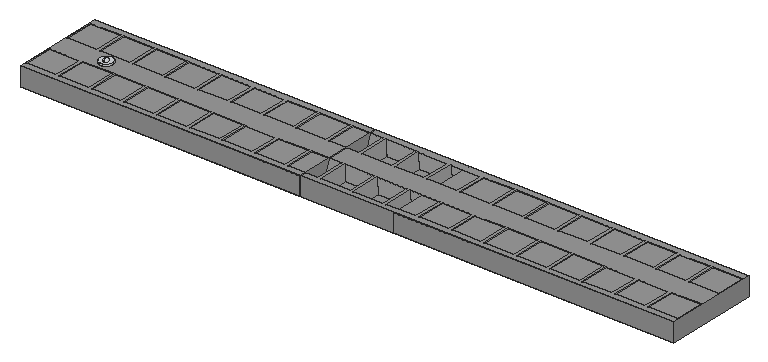
Revit family "2023780", category Lighting Fixtures, host Face, Revit 2018
Family settings
  Host = Face
  Round Connector Dimension = Use Diameter
  Part Type = Normal
  OmniClass Number = 23.80.70.00
  OmniClass Title = Lighting
  Cut with Voids When Loaded = No
  Light Source = Yes
  Shared = No
  Room Calculation Point = No
Parameters (values of type "2023780 OPTIX S 1500 2L D/I HO 4K WHT SSA02")
  Weight = "n/a"
  Wattage Comments = ""
  Wattage = 9.2903 W
  WarrantyStartDate [instance] = "n/a"
  WarrantyGuarantorParts = "n/a"
  WarrantyDurationUnit = "n/a"
  WarrantyDurationParts = ""
  WarrantyDescription = "http://www.sylvania-lighting.com"
  built-in parameter 1150110 = 1 (stored number, unit not read)
  Voltage = 0 V
  URL = "0.95"
  TypeName = "OPTIX SURFACE 1500 2L D/I HO 4000K WHT SSA02"
  Type Image = <None>
  Type Comments = "n/a"
  built-in parameter 1114217 = 1 (stored number, unit not read)
  Tilt Angle = -90.00°
  built-in parameter 1150109 = 1 (stored number, unit not read)
  built-in parameter 1150134 = 3
  built-in parameter 1150113 = 1 (stored number, unit not read)
  SerialNumber [instance] = "n/a"
  Photometric Web File = "2023780.ies"
  Material_3_SYL = none
  PowerFactor = 0
  PowerConsumption = "Lighting"
  NominalLength = 200 mm
  NominalHeight = 45 mm
  NominalDepth = 200 mm
  Name = "OPTIX SURFACE 1500 2L D/I HO 4000K WHT SSA02"
  ModelReference = Name  # "OPTIX SURFACE 1500 2L D/I HO 4000K WHT SSA02"
  ModelNumber = "2023780"
  Model = Name  # "OPTIX SURFACE 1500 2L D/I HO 4000K WHT SSA02"
  Material = "Feilo Sylvania"
  ManufacturerName = "167 lm/W"
  Manufacturer = ""
  LuminousEfficacy = ""
  built-in parameter 1150105 = 109.82 (stored number, unit not read)
  Lumens = 1380 lm
  LuminaireType = "0"
  built-in parameter 1150115 = 1 (stored number, unit not read)
  LightOutputRatio = "LED"
  built-in parameter 1150137 = (empty or 0)
  built-in parameter 1150139 = (empty or 0)
  LampsType = Lamp  # "n/a"
  LampNominalLuminous = "4000 K"
  LampMacAdamStep = "80"
  LampColourTemperature = "LED"
  LampColourRenderingIndex = "16500"
  built-in parameter 1150112 = 1 (stored number, unit not read)
  built-in parameter 1150114 = 1 (stored number, unit not read)
  Lamp = "n/a"
  Keynote = "n/a"
  InstallationDate [instance] = "n/a"
  InputVoltage = "0"
  InputNominalFrequency = "4000"
  built-in parameter 1150132 = (empty or 0)
  built-in parameter 1150102 = (empty or 0)
  built-in parameter 1150107 = 3200 (stored number, unit not read)
  built-in parameter 1150138 = (empty or 0)
  IngressProtection = "IfcLightFixtureType"
  ImpactProtectionIndex = "IfcLightFixtureType"
  built-in parameter 1150106 = 1.0982 (stored number, unit not read)
  IfcExportType = "IfcLightFixtureType"
  IfcExportAs = "Class I"
  Emit from Circle Diameter = 609.6 mm
  Emit Shape Visible in Rendering = no
  ElectricShockClassification = "167"
  built-in parameter 1150104 = 13.8 (stored number, unit not read)
  DocumentationLiterature = "http://www.sylvania-lighting.com/product/en-int/products/2023780"
  DimmingControlOptions = "n/a"
  Material_2_SYL = none
  Dimming Lamp Color Temperature Shift = <None>
  Description = "OPTIX SURFACE 1500x200 2 LINE D/I HO 4000K WHT SSA02 is a high efficacy low glare luminaire for office and education applications. Direct / Indirect lighting with 80% downlight and 20% uplight ratio for ceiling suspended mounting. Size: 1410x200x45mm. White plastic low glare optics in 2 lines configuration. White RAL9016 fixture body. SylSmart Connected capable. 4000K Neutral White LED, CRI>80, chromaticity tolerance of 3-step MacAdam ellipse. Luminous flux 7000lm. Power consumption 42W. Luminaire efficacy 167lm/W. Lifespan: 60,000 hours L90B10. UGR<19, Luminance at 65°<3000 Cd/m2, IK07, IP20. Photobiological safety risk group 0. Electrical protection Class I. Glow wire test 850°C."
  Default Elevation = 1219.2 mm
  CreatedOn = "22/09/2022"
  CreatedBy = "@sylvania-lighting.com"
  Cost = 0
  Color Filter = 16777215
  built-in parameter 1114216 [instance] = (empty or 0)
  ClassificationValue = "EF_70_80"
  ClassificationName = "Uniclass2015"
  Material_1_SYL = none
  BarCode [instance] = "n/a"
  built-in parameter 1114218 = 1 (stored number, unit not read)
  built-in parameter 1150133 = 10 (stored number, unit not read)
  AssetType = "Fixed"
  AssetIdentifier [instance] = "n/a"
  Assembly Code = "D5020200"
  Apparent Load = 42 VA
  Material_4_SYL = none
Reference planes
  plane 1 "Center (Front/Back)": y = 0
  plane 2: z = 0
  plane 3 "Center (Left/Right)": x = 0
  plane 4: x = -100
  plane 5: x = 100
  plane 6: y = 100
  plane 7: y = -100
  plane 8: z = 45
  plane 9: x = -698.5
  plane 10: x = 698.5
  plane 11: x = -633
  plane 12: y = 23
  plane 13: y = -23
  plane 14: x = -563
  plane 15: x = -557
  plane 16: x = -493
  plane 17: x = -487
  plane 18: x = -423
  plane 19: x = -417
  plane 20: x = -353
  plane 21: x = -347
  plane 22: x = -283
  plane 23: x = -277
  plane 24: x = -213
  plane 25: x = -206.997
  plane 26: x = -142.997
  plane 27: x = -136.997
  plane 28: x = -72.997
  plane 29: x = -66.997
  plane 30: x = -2.997
  plane 31: x = 3.003
  plane 32: x = 67.003
  plane 33: x = 73.003
  plane 34: x = 137.003
  plane 35: x = 143.003
  plane 36: x = 207.003
  plane 37: x = 213.003
  plane 38: x = 277.003
  plane 39: x = 283.003
  plane 40: x = 347.003
  plane 41: x = 353.003
  plane 42: x = 417.003
  plane 43: x = 423.003
  plane 44: x = 487.003
  plane 45: x = 493.003
  plane 46: x = 557.003
  plane 47: x = 563.003
  plane 48: x = 627.003
  plane 49: x = 633.003
  plane 50: x = -627
  plane 51: x = 697.011
  plane 52: x = -697
  plane 53: y = -87
  plane 54: y = -55
  plane 55: y = -33.5
  plane 56: y = -76.5
  plane 57: x = -665
  plane 58: x = -643.5
  plane 59: x = -686.5
  plane 60: x = -595
  plane 61: y = -5
  plane 62: z = 52.5
Forms (mm)
  Extrusion 1, solid, material "Aluminum", detail levels medium+fine
    sketch origin (0, 0, 0) x (1, 0, 0) y (0, 1, 0)
      loop
        line (-512.5, 10) -> (-512.5, -10) -> (-487.5, -10) -> (-487.5, 10) -> (-512.5, 10)
    from 0 to 6
  Extrusion 2, solid, material "Aluminum", detail levels medium+fine
    sketch origin (0, 0, 0) x (1, 0, 0) y (0, 1, 0)
      loop
        line (486, 10) -> (486, -10) -> (511, -10) -> (511, 10) -> (486, 10)
    from 0 to 6
  Extrusion 3, solid, material "Aluminum", detail levels medium+fine
    sketch origin (0, 0, 0) x (1, 0, 0) y (0, 1, 0)
      loop
        line (-698.5, 100) -> (-698.5, -100) -> (698.5, -100) -> (698.5, 100) -> (-698.5, 100)
    from 6 to 45
  Extrusion 4, solid, material "Aluminum", detail levels medium+fine
    sketch origin (0, 0, 0) x (1, 0, 0) y (0, 1, 0)
      loop
        line (-100, 100) -> (-698.5, 100) -> (-698.5, -100) -> (-100, -100) -> (-100, 100)
    from 6 to 45
  Extrusion 5, solid, material "Aluminum", detail levels medium+fine
    sketch origin (0, 0, 0) x (1, 0, 0) y (0, 1, 0)
      loop
        line (698.5, 100) -> (100, 100) -> (100, -100) -> (698.5, -100) -> (698.5, 100)
    from 6 to 45
  Blend 6, void
    base sketch origin (0, 0, 0) x (1, 0, 0) y (0, 1, 0)
      loop
        line (-697, -23) -> (-697, -87) -> (-633, -87) -> (-633, -23) -> (-697, -23)
    top sketch origin (0, 0, 0) x (1, 0, 0) y (0, 1, 0)
      loop
        line (-686.5, -33.5) -> (-686.5, -76.5) -> (-643.5, -76.5) -> (-643.5, -33.5) -> (-686.5, -33.5)
    from 45 to 18.5
  Extrusion 7, solid, material "Glass, White, High Luminance", detail levels fine
    sketch origin (0, 0, 0) x (1, 0, 0) y (0, 1, 0)
      loop
        line (-686.5, -33.5) -> (-686.5, -76.5) -> (-643.5, -76.5) -> (-643.5, -33.5) -> (-686.5, -33.5)
    from 18.5 to 20
  Blend 8, void
    base sketch origin (70, 0, 0) x (1, 0, 0) y (0, 1, 0)
      loop
        line (-697, -23) -> (-697, -87) -> (-633, -87) -> (-633, -23) -> (-697, -23)
    top sketch origin (70, 0, 0) x (1, 0, 0) y (0, 1, 0)
      loop
        line (-686.5, -33.5) -> (-686.5, -76.5) -> (-643.5, -76.5) -> (-643.5, -33.5) -> (-686.5, -33.5)
    from 45 to 18.5
  Blend 9, void
    base sketch origin (140, 0, 0) x (1, 0, 0) y (0, 1, 0)
      loop
        line (-697, -23) -> (-697, -87) -> (-633, -87) -> (-633, -23) -> (-697, -23)
    top sketch origin (140, 0, 0) x (1, 0, 0) y (0, 1, 0)
      loop
        line (-686.5, -33.5) -> (-686.5, -76.5) -> (-643.5, -76.5) -> (-643.5, -33.5) -> (-686.5, -33.5)
    from 45 to 18.5
  Blend 10, void
    base sketch origin (210, 0, 0) x (1, 0, 0) y (0, 1, 0)
      loop
        line (-697, -23) -> (-697, -87) -> (-633, -87) -> (-633, -23) -> (-697, -23)
    top sketch origin (210, 0, 0) x (1, 0, 0) y (0, 1, 0)
      loop
        line (-686.5, -33.5) -> (-686.5, -76.5) -> (-643.5, -76.5) -> (-643.5, -33.5) -> (-686.5, -33.5)
    from 45 to 18.5
  Blend 11, void
    base sketch origin (280, 0, 0) x (1, 0, 0) y (0, 1, 0)
      loop
        line (-697, -23) -> (-697, -87) -> (-633, -87) -> (-633, -23) -> (-697, -23)
    top sketch origin (280, 0, 0) x (1, 0, 0) y (0, 1, 0)
      loop
        line (-686.5, -33.5) -> (-686.5, -76.5) -> (-643.5, -76.5) -> (-643.5, -33.5) -> (-686.5, -33.5)
    from 45 to 18.5
  Blend 12, void
    base sketch origin (350, 0, 0) x (1, 0, 0) y (0, 1, 0)
      loop
        line (-697, -23) -> (-697, -87) -> (-633, -87) -> (-633, -23) -> (-697, -23)
    top sketch origin (350, 0, 0) x (1, 0, 0) y (0, 1, 0)
      loop
        line (-686.5, -33.5) -> (-686.5, -76.5) -> (-643.5, -76.5) -> (-643.5, -33.5) -> (-686.5, -33.5)
    from 45 to 18.5
  Blend 13, void
    base sketch origin (420, 0, 0) x (1, 0, 0) y (0, 1, 0)
      loop
        line (-697, -23) -> (-697, -87) -> (-633, -87) -> (-633, -23) -> (-697, -23)
    top sketch origin (420, 0, 0) x (1, 0, 0) y (0, 1, 0)
      loop
        line (-686.5, -33.5) -> (-686.5, -76.5) -> (-643.5, -76.5) -> (-643.5, -33.5) -> (-686.5, -33.5)
    from 45 to 18.5
  Blend 14, void
    base sketch origin (490.003, 0, 0) x (1, 0, 0) y (0, 1, 0)
      loop
        line (-697, -23) -> (-697, -87) -> (-633, -87) -> (-633, -23) -> (-697, -23)
    top sketch origin (490.003, 0, 0) x (1, 0, 0) y (0, 1, 0)
      loop
        line (-686.5, -33.5) -> (-686.5, -76.5) -> (-643.5, -76.5) -> (-643.5, -33.5) -> (-686.5, -33.5)
    from 45 to 18.5
  Blend 15, void
    base sketch origin (560.003, 0, 0) x (1, 0, 0) y (0, 1, 0)
      loop
        line (-697, -23) -> (-697, -87) -> (-633, -87) -> (-633, -23) -> (-697, -23)
    top sketch origin (560.003, 0, 0) x (1, 0, 0) y (0, 1, 0)
      loop
        line (-686.5, -33.5) -> (-686.5, -76.5) -> (-643.5, -76.5) -> (-643.5, -33.5) -> (-686.5, -33.5)
    from 45 to 18.5
  Blend 16, void
    base sketch origin (630.003, 0, 0) x (1, 0, 0) y (0, 1, 0)
      loop
        line (-697, -23) -> (-697, -87) -> (-633, -87) -> (-633, -23) -> (-697, -23)
    top sketch origin (630.003, 0, 0) x (1, 0, 0) y (0, 1, 0)
      loop
        line (-686.5, -33.5) -> (-686.5, -76.5) -> (-643.5, -76.5) -> (-643.5, -33.5) -> (-686.5, -33.5)
    from 45 to 18.5
  Blend 17, void
    base sketch origin (700.003, 0, 0) x (1, 0, 0) y (0, 1, 0)
      loop
        line (-697, -23) -> (-697, -87) -> (-633, -87) -> (-633, -23) -> (-697, -23)
    top sketch origin (700.003, 0, 0) x (1, 0, 0) y (0, 1, 0)
      loop
        line (-686.5, -33.5) -> (-686.5, -76.5) -> (-643.5, -76.5) -> (-643.5, -33.5) -> (-686.5, -33.5)
    from 45 to 18.5
  Blend 18, void
    base sketch origin (770.003, 0, 0) x (1, 0, 0) y (0, 1, 0)
      loop
        line (-697, -23) -> (-697, -87) -> (-633, -87) -> (-633, -23) -> (-697, -23)
    top sketch origin (770.003, 0, 0) x (1, 0, 0) y (0, 1, 0)
      loop
        line (-686.5, -33.5) -> (-686.5, -76.5) -> (-643.5, -76.5) -> (-643.5, -33.5) -> (-686.5, -33.5)
    from 45 to 18.5
  Blend 19, void
    base sketch origin (840.003, 0, 0) x (1, 0, 0) y (0, 1, 0)
      loop
        line (-697, -23) -> (-697, -87) -> (-633, -87) -> (-633, -23) -> (-697, -23)
    top sketch origin (840.003, 0, 0) x (1, 0, 0) y (0, 1, 0)
      loop
        line (-686.5, -33.5) -> (-686.5, -76.5) -> (-643.5, -76.5) -> (-643.5, -33.5) -> (-686.5, -33.5)
    from 45 to 18.5
  Blend 20, void
    base sketch origin (910.003, 0, 0) x (1, 0, 0) y (0, 1, 0)
      loop
        line (-697, -23) -> (-697, -87) -> (-633, -87) -> (-633, -23) -> (-697, -23)
    top sketch origin (910.003, 0, 0) x (1, 0, 0) y (0, 1, 0)
      loop
        line (-686.5, -33.5) -> (-686.5, -76.5) -> (-643.5, -76.5) -> (-643.5, -33.5) -> (-686.5, -33.5)
    from 45 to 18.5
  Blend 21, void
    base sketch origin (980.003, 0, 0) x (1, 0, 0) y (0, 1, 0)
      loop
        line (-697, -23) -> (-697, -87) -> (-633, -87) -> (-633, -23) -> (-697, -23)
    top sketch origin (980.003, 0, 0) x (1, 0, 0) y (0, 1, 0)
      loop
        line (-686.5, -33.5) -> (-686.5, -76.5) -> (-643.5, -76.5) -> (-643.5, -33.5) -> (-686.5, -33.5)
    from 45 to 18.5
  Blend 22, void
    base sketch origin (1050.003, 0, 0) x (1, 0, 0) y (0, 1, 0)
      loop
        line (-697, -23) -> (-697, -87) -> (-633, -87) -> (-633, -23) -> (-697, -23)
    top sketch origin (1050.003, 0, 0) x (1, 0, 0) y (0, 1, 0)
      loop
        line (-686.5, -33.5) -> (-686.5, -76.5) -> (-643.5, -76.5) -> (-643.5, -33.5) -> (-686.5, -33.5)
    from 45 to 18.5
  Blend 23, void
    base sketch origin (1120.003, 0, 0) x (1, 0, 0) y (0, 1, 0)
      loop
        line (-697, -23) -> (-697, -87) -> (-633, -87) -> (-633, -23) -> (-697, -23)
    top sketch origin (1120.003, 0, 0) x (1, 0, 0) y (0, 1, 0)
      loop
        line (-686.5, -33.5) -> (-686.5, -76.5) -> (-643.5, -76.5) -> (-643.5, -33.5) -> (-686.5, -33.5)
    from 45 to 18.5
  Blend 24, void
    base sketch origin (1190.003, 0, 0) x (1, 0, 0) y (0, 1, 0)
      loop
        line (-697, -23) -> (-697, -87) -> (-633, -87) -> (-633, -23) -> (-697, -23)
    top sketch origin (1190.003, 0, 0) x (1, 0, 0) y (0, 1, 0)
      loop
        line (-686.5, -33.5) -> (-686.5, -76.5) -> (-643.5, -76.5) -> (-643.5, -33.5) -> (-686.5, -33.5)
    from 45 to 18.5
  Blend 25, void
    base sketch origin (1260.003, 0, 0) x (1, 0, 0) y (0, 1, 0)
      loop
        line (-697, -23) -> (-697, -87) -> (-633, -87) -> (-633, -23) -> (-697, -23)
    top sketch origin (1260.003, 0, 0) x (1, 0, 0) y (0, 1, 0)
      loop
        line (-686.5, -33.5) -> (-686.5, -76.5) -> (-643.5, -76.5) -> (-643.5, -33.5) -> (-686.5, -33.5)
    from 45 to 18.5
  Blend 26, void
    base sketch origin (1330.003, 0, 0) x (1, 0, 0) y (0, 1, 0)
      loop
        line (-697, -23) -> (-697, -87) -> (-633, -87) -> (-633, -23) -> (-697, -23)
    top sketch origin (1330.003, 0, 0) x (1, 0, 0) y (0, 1, 0)
      loop
        line (-686.5, -33.5) -> (-686.5, -76.5) -> (-643.5, -76.5) -> (-643.5, -33.5) -> (-686.5, -33.5)
    from 45 to 18.5
  Extrusion 27, solid, material "Glass, White, High Luminance", detail levels fine
    sketch origin (70, 0, 0) x (1, 0, 0) y (0, 1, 0)
      loop
        line (-686.5, -33.5) -> (-686.5, -76.5) -> (-643.5, -76.5) -> (-643.5, -33.5) -> (-686.5, -33.5)
    from 18.5 to 20
  Extrusion 28, solid, material "Glass, White, High Luminance", detail levels fine
    sketch origin (140, 0, 0) x (1, 0, 0) y (0, 1, 0)
      loop
        line (-686.5, -33.5) -> (-686.5, -76.5) -> (-643.5, -76.5) -> (-643.5, -33.5) -> (-686.5, -33.5)
    from 18.5 to 20
  Extrusion 29, solid, material "Glass, White, High Luminance", detail levels fine
    sketch origin (210, 0, 0) x (1, 0, 0) y (0, 1, 0)
      loop
        line (-686.5, -33.5) -> (-686.5, -76.5) -> (-643.5, -76.5) -> (-643.5, -33.5) -> (-686.5, -33.5)
    from 18.5 to 20
  Extrusion 30, solid, material "Glass, White, High Luminance", detail levels fine
    sketch origin (280, 0, 0) x (1, 0, 0) y (0, 1, 0)
      loop
        line (-686.5, -33.5) -> (-686.5, -76.5) -> (-643.5, -76.5) -> (-643.5, -33.5) -> (-686.5, -33.5)
    from 18.5 to 20
  Extrusion 31, solid, material "Glass, White, High Luminance", detail levels fine
    sketch origin (350, 0, 0) x (1, 0, 0) y (0, 1, 0)
      loop
        line (-686.5, -33.5) -> (-686.5, -76.5) -> (-643.5, -76.5) -> (-643.5, -33.5) -> (-686.5, -33.5)
    from 18.5 to 20
  Extrusion 32, solid, material "Glass, White, High Luminance", detail levels fine
    sketch origin (420, 0, 0) x (1, 0, 0) y (0, 1, 0)
      loop
        line (-686.5, -33.5) -> (-686.5, -76.5) -> (-643.5, -76.5) -> (-643.5, -33.5) -> (-686.5, -33.5)
    from 18.5 to 20
  Extrusion 33, solid, material "Glass, White, High Luminance", detail levels fine
    sketch origin (490.003, 0, 0) x (1, 0, 0) y (0, 1, 0)
      loop
        line (-686.5, -33.5) -> (-686.5, -76.5) -> (-643.5, -76.5) -> (-643.5, -33.5) -> (-686.5, -33.5)
    from 18.5 to 20
  Extrusion 34, solid, material "Glass, White, High Luminance", detail levels fine
    sketch origin (560.003, 0, 0) x (1, 0, 0) y (0, 1, 0)
      loop
        line (-686.5, -33.5) -> (-686.5, -76.5) -> (-643.5, -76.5) -> (-643.5, -33.5) -> (-686.5, -33.5)
    from 18.5 to 20
  Extrusion 35, solid, material "Glass, White, High Luminance", detail levels fine
    sketch origin (630.003, 0, 0) x (1, 0, 0) y (0, 1, 0)
      loop
        line (-686.5, -33.5) -> (-686.5, -76.5) -> (-643.5, -76.5) -> (-643.5, -33.5) -> (-686.5, -33.5)
    from 18.5 to 20
  Extrusion 36, solid, material "Glass, White, High Luminance", detail levels fine
    sketch origin (700.003, 0, 0) x (1, 0, 0) y (0, 1, 0)
      loop
        line (-686.5, -33.5) -> (-686.5, -76.5) -> (-643.5, -76.5) -> (-643.5, -33.5) -> (-686.5, -33.5)
    from 18.5 to 20
  Extrusion 37, solid, material "Glass, White, High Luminance", detail levels fine
    sketch origin (770.003, 0, 0) x (1, 0, 0) y (0, 1, 0)
      loop
        line (-686.5, -33.5) -> (-686.5, -76.5) -> (-643.5, -76.5) -> (-643.5, -33.5) -> (-686.5, -33.5)
    from 18.5 to 20
  Extrusion 38, solid, material "Glass, White, High Luminance", detail levels fine
    sketch origin (840.003, 0, 0) x (1, 0, 0) y (0, 1, 0)
      loop
        line (-686.5, -33.5) -> (-686.5, -76.5) -> (-643.5, -76.5) -> (-643.5, -33.5) -> (-686.5, -33.5)
    from 18.5 to 20
  Extrusion 39, solid, material "Glass, White, High Luminance", detail levels fine
    sketch origin (910.003, 0, 0) x (1, 0, 0) y (0, 1, 0)
      loop
        line (-686.5, -33.5) -> (-686.5, -76.5) -> (-643.5, -76.5) -> (-643.5, -33.5) -> (-686.5, -33.5)
    from 18.5 to 20
  Extrusion 40, solid, material "Glass, White, High Luminance", detail levels fine
    sketch origin (980.003, 0, 0) x (1, 0, 0) y (0, 1, 0)
      loop
        line (-686.5, -33.5) -> (-686.5, -76.5) -> (-643.5, -76.5) -> (-643.5, -33.5) -> (-686.5, -33.5)
    from 18.5 to 20
  Extrusion 41, solid, material "Glass, White, High Luminance", detail levels fine
    sketch origin (1050.003, 0, 0) x (1, 0, 0) y (0, 1, 0)
      loop
        line (-686.5, -33.5) -> (-686.5, -76.5) -> (-643.5, -76.5) -> (-643.5, -33.5) -> (-686.5, -33.5)
    from 18.5 to 20
  Extrusion 42, solid, material "Glass, White, High Luminance", detail levels fine
    sketch origin (1120.003, 0, 0) x (1, 0, 0) y (0, 1, 0)
      loop
        line (-686.5, -33.5) -> (-686.5, -76.5) -> (-643.5, -76.5) -> (-643.5, -33.5) -> (-686.5, -33.5)
    from 18.5 to 20
  Extrusion 43, solid, material "Glass, White, High Luminance", detail levels fine
    sketch origin (1190.003, 0, 0) x (1, 0, 0) y (0, 1, 0)
      loop
        line (-686.5, -33.5) -> (-686.5, -76.5) -> (-643.5, -76.5) -> (-643.5, -33.5) -> (-686.5, -33.5)
    from 18.5 to 20
  Extrusion 44, solid, material "Glass, White, High Luminance", detail levels fine
    sketch origin (1260.003, 0, 0) x (1, 0, 0) y (0, 1, 0)
      loop
        line (-686.5, -33.5) -> (-686.5, -76.5) -> (-643.5, -76.5) -> (-643.5, -33.5) -> (-686.5, -33.5)
    from 18.5 to 20
  Extrusion 45, solid, material "Glass, White, High Luminance", detail levels fine
    sketch origin (1330.003, 0, 0) x (1, 0, 0) y (0, 1, 0)
      loop
        line (-686.5, -33.5) -> (-686.5, -76.5) -> (-643.5, -76.5) -> (-643.5, -33.5) -> (-686.5, -33.5)
    from 18.5 to 20
  Blend 46, void
    base sketch origin (0, 110, 0) x (1, 0, 0) y (0, 1, 0)
      loop
        line (-697, -23) -> (-697, -87) -> (-633, -87) -> (-633, -23) -> (-697, -23)
    top sketch origin (0, 110, 0) x (1, 0, 0) y (0, 1, 0)
      loop
        line (-686.5, -33.5) -> (-686.5, -76.5) -> (-643.5, -76.5) -> (-643.5, -33.5) -> (-686.5, -33.5)
    from 45 to 18.5
  Blend 47, void
    base sketch origin (70, 110, 0) x (1, 0, 0) y (0, 1, 0)
      loop
        line (-697, -23) -> (-697, -87) -> (-633, -87) -> (-633, -23) -> (-697, -23)
    top sketch origin (70, 110, 0) x (1, 0, 0) y (0, 1, 0)
      loop
        line (-686.5, -33.5) -> (-686.5, -76.5) -> (-643.5, -76.5) -> (-643.5, -33.5) -> (-686.5, -33.5)
    from 45 to 18.5
  Blend 48, void
    base sketch origin (140, 110, 0) x (1, 0, 0) y (0, 1, 0)
      loop
        line (-697, -23) -> (-697, -87) -> (-633, -87) -> (-633, -23) -> (-697, -23)
    top sketch origin (140, 110, 0) x (1, 0, 0) y (0, 1, 0)
      loop
        line (-686.5, -33.5) -> (-686.5, -76.5) -> (-643.5, -76.5) -> (-643.5, -33.5) -> (-686.5, -33.5)
    from 45 to 18.5
  Blend 49, void
    base sketch origin (210, 110, 0) x (1, 0, 0) y (0, 1, 0)
      loop
        line (-697, -23) -> (-697, -87) -> (-633, -87) -> (-633, -23) -> (-697, -23)
    top sketch origin (210, 110, 0) x (1, 0, 0) y (0, 1, 0)
      loop
        line (-686.5, -33.5) -> (-686.5, -76.5) -> (-643.5, -76.5) -> (-643.5, -33.5) -> (-686.5, -33.5)
    from 45 to 18.5
  Blend 50, void
    base sketch origin (280, 110, 0) x (1, 0, 0) y (0, 1, 0)
      loop
        line (-697, -23) -> (-697, -87) -> (-633, -87) -> (-633, -23) -> (-697, -23)
    top sketch origin (280, 110, 0) x (1, 0, 0) y (0, 1, 0)
      loop
        line (-686.5, -33.5) -> (-686.5, -76.5) -> (-643.5, -76.5) -> (-643.5, -33.5) -> (-686.5, -33.5)
    from 45 to 18.5
  Blend 51, void
    base sketch origin (350, 110, 0) x (1, 0, 0) y (0, 1, 0)
      loop
        line (-697, -23) -> (-697, -87) -> (-633, -87) -> (-633, -23) -> (-697, -23)
    top sketch origin (350, 110, 0) x (1, 0, 0) y (0, 1, 0)
      loop
        line (-686.5, -33.5) -> (-686.5, -76.5) -> (-643.5, -76.5) -> (-643.5, -33.5) -> (-686.5, -33.5)
    from 45 to 18.5
  Blend 52, void
    base sketch origin (420, 110, 0) x (1, 0, 0) y (0, 1, 0)
      loop
        line (-697, -23) -> (-697, -87) -> (-633, -87) -> (-633, -23) -> (-697, -23)
    top sketch origin (420, 110, 0) x (1, 0, 0) y (0, 1, 0)
      loop
        line (-686.5, -33.5) -> (-686.5, -76.5) -> (-643.5, -76.5) -> (-643.5, -33.5) -> (-686.5, -33.5)
    from 45 to 18.5
  Blend 53, void
    base sketch origin (490.003, 110, 0) x (1, 0, 0) y (0, 1, 0)
      loop
        line (-697, -23) -> (-697, -87) -> (-633, -87) -> (-633, -23) -> (-697, -23)
    top sketch origin (490.003, 110, 0) x (1, 0, 0) y (0, 1, 0)
      loop
        line (-686.5, -33.5) -> (-686.5, -76.5) -> (-643.5, -76.5) -> (-643.5, -33.5) -> (-686.5, -33.5)
    from 45 to 18.5
  Blend 54, void
    base sketch origin (560.003, 110, 0) x (1, 0, 0) y (0, 1, 0)
      loop
        line (-697, -23) -> (-697, -87) -> (-633, -87) -> (-633, -23) -> (-697, -23)
    top sketch origin (560.003, 110, 0) x (1, 0, 0) y (0, 1, 0)
      loop
        line (-686.5, -33.5) -> (-686.5, -76.5) -> (-643.5, -76.5) -> (-643.5, -33.5) -> (-686.5, -33.5)
    from 45 to 18.5
  Blend 55, void
    base sketch origin (630.003, 110, 0) x (1, 0, 0) y (0, 1, 0)
      loop
        line (-697, -23) -> (-697, -87) -> (-633, -87) -> (-633, -23) -> (-697, -23)
    top sketch origin (630.003, 110, 0) x (1, 0, 0) y (0, 1, 0)
      loop
        line (-686.5, -33.5) -> (-686.5, -76.5) -> (-643.5, -76.5) -> (-643.5, -33.5) -> (-686.5, -33.5)
    from 45 to 18.5
  Blend 56, void
    base sketch origin (700.003, 110, 0) x (1, 0, 0) y (0, 1, 0)
      loop
        line (-697, -23) -> (-697, -87) -> (-633, -87) -> (-633, -23) -> (-697, -23)
    top sketch origin (700.003, 110, 0) x (1, 0, 0) y (0, 1, 0)
      loop
        line (-686.5, -33.5) -> (-686.5, -76.5) -> (-643.5, -76.5) -> (-643.5, -33.5) -> (-686.5, -33.5)
    from 45 to 18.5
  Blend 57, void
    base sketch origin (770.003, 110, 0) x (1, 0, 0) y (0, 1, 0)
      loop
        line (-697, -23) -> (-697, -87) -> (-633, -87) -> (-633, -23) -> (-697, -23)
    top sketch origin (770.003, 110, 0) x (1, 0, 0) y (0, 1, 0)
      loop
        line (-686.5, -33.5) -> (-686.5, -76.5) -> (-643.5, -76.5) -> (-643.5, -33.5) -> (-686.5, -33.5)
    from 45 to 18.5
  Blend 58, void
    base sketch origin (840.003, 110, 0) x (1, 0, 0) y (0, 1, 0)
      loop
        line (-697, -23) -> (-697, -87) -> (-633, -87) -> (-633, -23) -> (-697, -23)
    top sketch origin (840.003, 110, 0) x (1, 0, 0) y (0, 1, 0)
      loop
        line (-686.5, -33.5) -> (-686.5, -76.5) -> (-643.5, -76.5) -> (-643.5, -33.5) -> (-686.5, -33.5)
    from 45 to 18.5
  Blend 59, void
    base sketch origin (910.003, 110, 0) x (1, 0, 0) y (0, 1, 0)
      loop
        line (-697, -23) -> (-697, -87) -> (-633, -87) -> (-633, -23) -> (-697, -23)
    top sketch origin (910.003, 110, 0) x (1, 0, 0) y (0, 1, 0)
      loop
        line (-686.5, -33.5) -> (-686.5, -76.5) -> (-643.5, -76.5) -> (-643.5, -33.5) -> (-686.5, -33.5)
    from 45 to 18.5
  Blend 60, void
    base sketch origin (980.003, 110, 0) x (1, 0, 0) y (0, 1, 0)
      loop
        line (-697, -23) -> (-697, -87) -> (-633, -87) -> (-633, -23) -> (-697, -23)
    top sketch origin (980.003, 110, 0) x (1, 0, 0) y (0, 1, 0)
      loop
        line (-686.5, -33.5) -> (-686.5, -76.5) -> (-643.5, -76.5) -> (-643.5, -33.5) -> (-686.5, -33.5)
    from 45 to 18.5
  Blend 61, void
    base sketch origin (1050.003, 110, 0) x (1, 0, 0) y (0, 1, 0)
      loop
        line (-697, -23) -> (-697, -87) -> (-633, -87) -> (-633, -23) -> (-697, -23)
    top sketch origin (1050.003, 110, 0) x (1, 0, 0) y (0, 1, 0)
      loop
        line (-686.5, -33.5) -> (-686.5, -76.5) -> (-643.5, -76.5) -> (-643.5, -33.5) -> (-686.5, -33.5)
    from 45 to 18.5
  Blend 62, void
    base sketch origin (1120.003, 110, 0) x (1, 0, 0) y (0, 1, 0)
      loop
        line (-697, -23) -> (-697, -87) -> (-633, -87) -> (-633, -23) -> (-697, -23)
    top sketch origin (1120.003, 110, 0) x (1, 0, 0) y (0, 1, 0)
      loop
        line (-686.5, -33.5) -> (-686.5, -76.5) -> (-643.5, -76.5) -> (-643.5, -33.5) -> (-686.5, -33.5)
    from 45 to 18.5
  Blend 63, void
    base sketch origin (1190.003, 110, 0) x (1, 0, 0) y (0, 1, 0)
      loop
        line (-697, -23) -> (-697, -87) -> (-633, -87) -> (-633, -23) -> (-697, -23)
    top sketch origin (1190.003, 110, 0) x (1, 0, 0) y (0, 1, 0)
      loop
        line (-686.5, -33.5) -> (-686.5, -76.5) -> (-643.5, -76.5) -> (-643.5, -33.5) -> (-686.5, -33.5)
    from 45 to 18.5
  Blend 64, void
    base sketch origin (1260.003, 110, 0) x (1, 0, 0) y (0, 1, 0)
      loop
        line (-697, -23) -> (-697, -87) -> (-633, -87) -> (-633, -23) -> (-697, -23)
    top sketch origin (1260.003, 110, 0) x (1, 0, 0) y (0, 1, 0)
      loop
        line (-686.5, -33.5) -> (-686.5, -76.5) -> (-643.5, -76.5) -> (-643.5, -33.5) -> (-686.5, -33.5)
    from 45 to 18.5
  Blend 65, void
    base sketch origin (1330.003, 110, 0) x (1, 0, 0) y (0, 1, 0)
      loop
        line (-697, -23) -> (-697, -87) -> (-633, -87) -> (-633, -23) -> (-697, -23)
    top sketch origin (1330.003, 110, 0) x (1, 0, 0) y (0, 1, 0)
      loop
        line (-686.5, -33.5) -> (-686.5, -76.5) -> (-643.5, -76.5) -> (-643.5, -33.5) -> (-686.5, -33.5)
    from 45 to 18.5
  Extrusion 66, solid, material "Glass, White, High Luminance", detail levels fine
    sketch origin (0, 110, 0) x (1, 0, 0) y (0, 1, 0)
      loop
        line (-686.5, -33.5) -> (-686.5, -76.5) -> (-643.5, -76.5) -> (-643.5, -33.5) -> (-686.5, -33.5)
    from 18.5 to 20
  Extrusion 67, solid, material "Glass, White, High Luminance", detail levels fine
    sketch origin (70, 110, 0) x (1, 0, 0) y (0, 1, 0)
      loop
        line (-686.5, -33.5) -> (-686.5, -76.5) -> (-643.5, -76.5) -> (-643.5, -33.5) -> (-686.5, -33.5)
    from 18.5 to 20
  Extrusion 68, solid, material "Glass, White, High Luminance", detail levels fine
    sketch origin (140, 110, 0) x (1, 0, 0) y (0, 1, 0)
      loop
        line (-686.5, -33.5) -> (-686.5, -76.5) -> (-643.5, -76.5) -> (-643.5, -33.5) -> (-686.5, -33.5)
    from 18.5 to 20
  Extrusion 69, solid, material "Glass, White, High Luminance", detail levels fine
    sketch origin (210, 110, 0) x (1, 0, 0) y (0, 1, 0)
      loop
        line (-686.5, -33.5) -> (-686.5, -76.5) -> (-643.5, -76.5) -> (-643.5, -33.5) -> (-686.5, -33.5)
    from 18.5 to 20
  Extrusion 70, solid, material "Glass, White, High Luminance", detail levels fine
    sketch origin (280, 110, 0) x (1, 0, 0) y (0, 1, 0)
      loop
        line (-686.5, -33.5) -> (-686.5, -76.5) -> (-643.5, -76.5) -> (-643.5, -33.5) -> (-686.5, -33.5)
    from 18.5 to 20
  Extrusion 71, solid, material "Glass, White, High Luminance", detail levels fine
    sketch origin (350, 110, 0) x (1, 0, 0) y (0, 1, 0)
      loop
        line (-686.5, -33.5) -> (-686.5, -76.5) -> (-643.5, -76.5) -> (-643.5, -33.5) -> (-686.5, -33.5)
    from 18.5 to 20
  Extrusion 72, solid, material "Glass, White, High Luminance", detail levels fine
    sketch origin (420, 110, 0) x (1, 0, 0) y (0, 1, 0)
      loop
        line (-686.5, -33.5) -> (-686.5, -76.5) -> (-643.5, -76.5) -> (-643.5, -33.5) -> (-686.5, -33.5)
    from 18.5 to 20
  Extrusion 73, solid, material "Glass, White, High Luminance", detail levels fine
    sketch origin (700.003, 110, 0) x (1, 0, 0) y (0, 1, 0)
      loop
        line (-686.5, -33.5) -> (-686.5, -76.5) -> (-643.5, -76.5) -> (-643.5, -33.5) -> (-686.5, -33.5)
    from 18.5 to 20
  Extrusion 74, solid, material "Glass, White, High Luminance", detail levels fine
    sketch origin (770.003, 110, 0) x (1, 0, 0) y (0, 1, 0)
      loop
        line (-686.5, -33.5) -> (-686.5, -76.5) -> (-643.5, -76.5) -> (-643.5, -33.5) -> (-686.5, -33.5)
    from 18.5 to 20
  Extrusion 75, solid, material "Glass, White, High Luminance", detail levels fine
    sketch origin (840.003, 110, 0) x (1, 0, 0) y (0, 1, 0)
      loop
        line (-686.5, -33.5) -> (-686.5, -76.5) -> (-643.5, -76.5) -> (-643.5, -33.5) -> (-686.5, -33.5)
    from 18.5 to 20
  Extrusion 76, solid, material "Glass, White, High Luminance", detail levels fine
    sketch origin (910.003, 110, 0) x (1, 0, 0) y (0, 1, 0)
      loop
        line (-686.5, -33.5) -> (-686.5, -76.5) -> (-643.5, -76.5) -> (-643.5, -33.5) -> (-686.5, -33.5)
    from 18.5 to 20
  Extrusion 77, solid, material "Glass, White, High Luminance", detail levels fine
    sketch origin (980.003, 110, 0) x (1, 0, 0) y (0, 1, 0)
      loop
        line (-686.5, -33.5) -> (-686.5, -76.5) -> (-643.5, -76.5) -> (-643.5, -33.5) -> (-686.5, -33.5)
    from 18.5 to 20
  Extrusion 78, solid, material "Glass, White, High Luminance", detail levels fine
    sketch origin (1050.003, 110, 0) x (1, 0, 0) y (0, 1, 0)
      loop
        line (-686.5, -33.5) -> (-686.5, -76.5) -> (-643.5, -76.5) -> (-643.5, -33.5) -> (-686.5, -33.5)
    from 18.5 to 20
  Extrusion 79, solid, material "Glass, White, High Luminance", detail levels fine
    sketch origin (1120.003, 110, 0) x (1, 0, 0) y (0, 1, 0)
      loop
        line (-686.5, -33.5) -> (-686.5, -76.5) -> (-643.5, -76.5) -> (-643.5, -33.5) -> (-686.5, -33.5)
    from 18.5 to 20
  Extrusion 80, solid, material "Glass, White, High Luminance", detail levels fine
    sketch origin (1190.003, 110, 0) x (1, 0, 0) y (0, 1, 0)
      loop
        line (-686.5, -33.5) -> (-686.5, -76.5) -> (-643.5, -76.5) -> (-643.5, -33.5) -> (-686.5, -33.5)
    from 18.5 to 20
  Extrusion 81, solid, material "Glass, White, High Luminance", detail levels fine
    sketch origin (1260.003, 110, 0) x (1, 0, 0) y (0, 1, 0)
      loop
        line (-686.5, -33.5) -> (-686.5, -76.5) -> (-643.5, -76.5) -> (-643.5, -33.5) -> (-686.5, -33.5)
    from 18.5 to 20
  Extrusion 82, solid, material "Glass, White, High Luminance", detail levels fine
    sketch origin (1330.003, 110, 0) x (1, 0, 0) y (0, 1, 0)
      loop
        line (-686.5, -33.5) -> (-686.5, -76.5) -> (-643.5, -76.5) -> (-643.5, -33.5) -> (-686.5, -33.5)
    from 18.5 to 20
  Extrusion 83, solid, material "Glass, White, High Luminance", detail levels fine
    sketch origin (490.003, 110, 0) x (1, 0, 0) y (0, 1, 0)
      loop
        line (-686.5, -33.5) -> (-686.5, -76.5) -> (-643.5, -76.5) -> (-643.5, -33.5) -> (-686.5, -33.5)
    from 18.5 to 20
  Extrusion 84, solid, material "Glass, White, High Luminance", detail levels fine
    sketch origin (560.003, 110, 0) x (1, 0, 0) y (0, 1, 0)
      loop
        line (-686.5, -33.5) -> (-686.5, -76.5) -> (-643.5, -76.5) -> (-643.5, -33.5) -> (-686.5, -33.5)
    from 18.5 to 20
  Extrusion 85, solid, material "Glass, White, High Luminance", detail levels fine
    sketch origin (630.003, 110, 0) x (1, 0, 0) y (0, 1, 0)
      loop
        line (-686.5, -33.5) -> (-686.5, -76.5) -> (-643.5, -76.5) -> (-643.5, -33.5) -> (-686.5, -33.5)
    from 18.5 to 20
  Extrusion 86, solid, detail levels coarse
    sketch origin (0, 0, 0) x (1, 0, 0) y (0, 1, 0)
      loop
        line (-100, 100) -> (-100, -100) -> (100, -100) -> (100, 100) -> (-100, 100)
    from 0 to 52.5
  Extrusion 87, solid, detail levels medium+fine
    sketch origin (0, 0, 0) x (1, 0, 0) y (0, 1, 0)
      loop
        circle (-595, 0) r 14
    from 45 to 48
  Revolve 88, solid, detail levels medium+fine
    sketch origin (-595.001, 1524, 1219.205) x (0, 1, 0) y (0, 0, 1)
      loop
        arc (-1524, -1166.7) -> (-1527.37, -1167.983) -> (-1529, -1171.2) r 5
        line (-1529, -1171.2) -> (-1524, -1171.2) -> (-1524, -1166.7)
      axis (-1524, -1166.7) -> (-1524, -1171.2)
    angle from 0.32 to 360
Cuts and joins
  Blend 6, Blend 8, Blend 9, Blend 10, Blend 11, Blend 12, Blend 13, Blend 14, Blend 15, Blend 16, Blend 17, Blend 18, Blend 19, Blend 20, Blend 21, Blend 22, Blend 23, Blend 24, Blend 25, Blend 26, Blend 46, Blend 47, Blend 48, Blend 49, Blend 50, Blend 51, Blend 52, Blend 53, Blend 54, Blend 55, Blend 56, Blend 57, Blend 58, Blend 59, Blend 60, Blend 61, Blend 62, Blend 63, Blend 64, Blend 65 cuts Extrusion 3
  Blend 8, Blend 46 cuts Extrusion 7
  Blend 47 cuts Extrusion 27
  Blend 48 cuts Extrusion 28
  Blend 49 cuts Extrusion 29
  Blend 50 cuts Extrusion 30
  Blend 51 cuts Extrusion 31
  Blend 52 cuts Extrusion 32
  Blend 53 cuts Extrusion 33
  Blend 54 cuts Extrusion 34
  Blend 55 cuts Extrusion 35
  Blend 56 cuts Extrusion 36
  Blend 57 cuts Extrusion 37
  Blend 58 cuts Extrusion 38
  Blend 59 cuts Extrusion 39
  Blend 60 cuts Extrusion 40
  Blend 61 cuts Extrusion 41
  Blend 62 cuts Extrusion 42
  Blend 63 cuts Extrusion 43
  Blend 64 cuts Extrusion 44
  Blend 65 cuts Extrusion 45
Dimensions and locks
  "NominalLength": plane 4 to plane 5
  equal spacing: plane 4, plane 3 "Center (Left/Right)", plane 5
  "NominalDepth": plane 6 to plane 7
  equal spacing: plane 6, plane 1 "Center (Front/Back)", plane 7
  "NominalHeight": plane 8 to level
  aligned and locked: plane 2 to host face
  aligned and locked: level to host face
Automatic sketch dimensions
  host sketch curve to host sketch curve = 2438.4 mm  (x2)
  Extrusion 1 sketch curve to plane 16 = 19.5 mm
  Extrusion 1 sketch curve to plane 17 = 0.5 mm
  plane 1 "Center (Front/Back)" to Extrusion 1 sketch curve = 10 mm
  Extrusion 1 sketch curve to plane 1 "Center (Front/Back)" = 10 mm
  Extrusion 2 sketch curve to plane 44 = 1.003 mm
  plane 45 to Extrusion 2 sketch curve = 17.997 mm
  plane 1 "Center (Front/Back)" to Extrusion 2 sketch curve = 10 mm
  Extrusion 2 sketch curve to plane 1 "Center (Front/Back)" = 10 mm
  Extrusion 3 sketch curve to plane 7 = 0 mm
  Extrusion 3 sketch curve to plane 9 = 0 mm
  Extrusion 3 sketch curve to plane 10 = 0 mm
  Extrusion 3 sketch curve to plane 6 = 0 mm
  Extrusion 4 sketch curve to plane 4 = 0 mm
  Extrusion 4 sketch curve to plane 7 = 0 mm
  Extrusion 4 sketch curve to plane 9 = 0 mm
  Extrusion 4 sketch curve to plane 6 = 0 mm
  Extrusion 5 sketch curve to plane 7 = 0 mm
  Extrusion 5 sketch curve to plane 10 = 0 mm
  Extrusion 5 sketch curve to plane 5 = 0 mm
  Extrusion 5 sketch curve to plane 6 = 0 mm
  Blend 6 sketch curve to plane 52 = 0 mm
  Blend 6 sketch curve to plane 11 = 0 mm
  Blend 6 sketch curve to plane 53 = 0 mm
  Blend 6 sketch curve to plane 13 = 0 mm
  Blend 6 sketch curve to plane 56 = 0 mm
  Blend 6 sketch curve to plane 59 = 0 mm
  Blend 6 sketch curve to plane 58 = 0 mm
  Blend 6 sketch curve to plane 55 = 0 mm
  Extrusion 7 sketch curve to plane 56 = 0 mm
  Extrusion 7 sketch curve to plane 59 = 0 mm
  Extrusion 7 sketch curve to plane 58 = 0 mm
  Extrusion 7 sketch curve to plane 55 = 0 mm
  Blend 8 sketch curve to plane 50 = 0 mm
  Blend 8 sketch curve to plane 14 = 0 mm
  Blend 8 sketch curve to plane 53 = 0 mm
  Blend 8 sketch curve to plane 13 = 0 mm
  Blend 8 sketch curve to plane 56 = 0 mm
  Blend 8 sketch curve to plane 55 = 0 mm
  plane 50 to Blend 8 sketch curve = 10.5 mm
  Blend 8 sketch curve to plane 14 = 10.5 mm
  Blend 9 sketch curve to plane 15 = 0 mm
  Blend 9 sketch curve to plane 16 = 0 mm
  plane 53 to Blend 9 sketch curve = 0 mm
  Blend 9 sketch curve to plane 13 = 0 mm
  plane 56 to Blend 9 sketch curve = 0 mm
  plane 55 to Blend 9 sketch curve = 0 mm
  plane 15 to Blend 9 sketch curve = 10.5 mm
  Blend 9 sketch curve to plane 16 = 10.5 mm
  Blend 10 sketch curve to plane 17 = 0 mm
  Blend 10 sketch curve to plane 18 = 0 mm
  plane 53 to Blend 10 sketch curve = 0 mm
  Blend 10 sketch curve to plane 13 = 0 mm
  plane 56 to Blend 10 sketch curve = 0 mm
  plane 55 to Blend 10 sketch curve = 0 mm
  plane 17 to Blend 10 sketch curve = 10.5 mm
  Blend 10 sketch curve to plane 18 = 10.5 mm
  Blend 11 sketch curve to plane 19 = 0 mm
  Blend 11 sketch curve to plane 20 = 0 mm
  plane 53 to Blend 11 sketch curve = 0 mm
  Blend 11 sketch curve to plane 13 = 0 mm
  plane 56 to Blend 11 sketch curve = 0 mm
  plane 55 to Blend 11 sketch curve = 0 mm
  plane 19 to Blend 11 sketch curve = 10.5 mm
  Blend 11 sketch curve to plane 20 = 10.5 mm
  Blend 12 sketch curve to plane 21 = 0 mm
  Blend 12 sketch curve to plane 22 = 0 mm
  plane 53 to Blend 12 sketch curve = 0 mm
  Blend 12 sketch curve to plane 13 = 0 mm
  plane 56 to Blend 12 sketch curve = 0 mm
  plane 55 to Blend 12 sketch curve = 0 mm
  plane 21 to Blend 12 sketch curve = 10.5 mm
  Blend 12 sketch curve to plane 22 = 10.5 mm
  Blend 13 sketch curve to plane 23 = 0 mm
  Blend 13 sketch curve to plane 24 = 0 mm
  plane 53 to Blend 13 sketch curve = 0 mm
  Blend 13 sketch curve to plane 13 = 0 mm
  plane 56 to Blend 13 sketch curve = 0 mm
  plane 55 to Blend 13 sketch curve = 0 mm
  plane 23 to Blend 13 sketch curve = 10.5 mm
  Blend 13 sketch curve to plane 24 = 10.5 mm
  Blend 14 sketch curve to plane 25 = 0 mm
  Blend 14 sketch curve to plane 26 = 0 mm
  plane 53 to Blend 14 sketch curve = 0 mm
  Blend 14 sketch curve to plane 13 = 0 mm
  plane 56 to Blend 14 sketch curve = 0 mm
  plane 55 to Blend 14 sketch curve = 0 mm
  plane 25 to Blend 14 sketch curve = 10.5 mm
  Blend 14 sketch curve to plane 26 = 10.5 mm
  Blend 15 sketch curve to plane 27 = 0 mm
  Blend 15 sketch curve to plane 28 = 0 mm
  plane 53 to Blend 15 sketch curve = 0 mm
  Blend 15 sketch curve to plane 13 = 0 mm
  plane 56 to Blend 15 sketch curve = 0 mm
  plane 55 to Blend 15 sketch curve = 0 mm
  plane 27 to Blend 15 sketch curve = 10.5 mm
  Blend 15 sketch curve to plane 28 = 10.5 mm
  Blend 16 sketch curve to plane 29 = 0 mm
  Blend 16 sketch curve to plane 30 = 0 mm
  plane 53 to Blend 16 sketch curve = 0 mm
  Blend 16 sketch curve to plane 13 = 0 mm
  plane 56 to Blend 16 sketch curve = 0 mm
  plane 55 to Blend 16 sketch curve = 0 mm
  plane 29 to Blend 16 sketch curve = 10.5 mm
  Blend 16 sketch curve to plane 30 = 10.5 mm
  Blend 17 sketch curve to plane 31 = 0 mm
  Blend 17 sketch curve to plane 32 = 0 mm
  plane 53 to Blend 17 sketch curve = 0 mm
  Blend 17 sketch curve to plane 13 = 0 mm
  plane 56 to Blend 17 sketch curve = 0 mm
  plane 55 to Blend 17 sketch curve = 0 mm
  plane 31 to Blend 17 sketch curve = 10.5 mm
  Blend 17 sketch curve to plane 32 = 10.5 mm
  Blend 18 sketch curve to plane 33 = 0 mm
  Blend 18 sketch curve to plane 34 = 0 mm
  plane 53 to Blend 18 sketch curve = 0 mm
  Blend 18 sketch curve to plane 13 = 0 mm
  plane 56 to Blend 18 sketch curve = 0 mm
  plane 55 to Blend 18 sketch curve = 0 mm
  plane 33 to Blend 18 sketch curve = 10.5 mm
  Blend 18 sketch curve to plane 34 = 10.5 mm
  Blend 19 sketch curve to plane 35 = 0 mm
  Blend 19 sketch curve to plane 36 = 0 mm
  plane 53 to Blend 19 sketch curve = 0 mm
  Blend 19 sketch curve to plane 13 = 0 mm
  plane 56 to Blend 19 sketch curve = 0 mm
  plane 55 to Blend 19 sketch curve = 0 mm
  plane 35 to Blend 19 sketch curve = 10.5 mm
  Blend 19 sketch curve to plane 36 = 10.5 mm
  Blend 20 sketch curve to plane 37 = 0 mm
  Blend 20 sketch curve to plane 38 = 0 mm
  plane 53 to Blend 20 sketch curve = 0 mm
  Blend 20 sketch curve to plane 13 = 0 mm
  plane 56 to Blend 20 sketch curve = 0 mm
  plane 55 to Blend 20 sketch curve = 0 mm
  plane 37 to Blend 20 sketch curve = 10.5 mm
  Blend 20 sketch curve to plane 38 = 10.5 mm
  Blend 21 sketch curve to plane 39 = 0 mm
  Blend 21 sketch curve to plane 40 = 0 mm
  plane 53 to Blend 21 sketch curve = 0 mm
  Blend 21 sketch curve to plane 13 = 0 mm
  plane 56 to Blend 21 sketch curve = 0 mm
  plane 55 to Blend 21 sketch curve = 0 mm
  plane 39 to Blend 21 sketch curve = 10.5 mm
  Blend 21 sketch curve to plane 40 = 10.5 mm
  Blend 22 sketch curve to plane 41 = 0 mm
  Blend 22 sketch curve to plane 42 = 0 mm
  plane 53 to Blend 22 sketch curve = 0 mm
  Blend 22 sketch curve to plane 13 = 0 mm
  plane 56 to Blend 22 sketch curve = 0 mm
  plane 55 to Blend 22 sketch curve = 0 mm
  plane 41 to Blend 22 sketch curve = 10.5 mm
  Blend 22 sketch curve to plane 42 = 10.5 mm
  Blend 23 sketch curve to plane 43 = 0 mm
  Blend 23 sketch curve to plane 44 = 0 mm
  plane 53 to Blend 23 sketch curve = 0 mm
  Blend 23 sketch curve to plane 13 = 0 mm
  plane 56 to Blend 23 sketch curve = 0 mm
  plane 55 to Blend 23 sketch curve = 0 mm
  plane 43 to Blend 23 sketch curve = 10.5 mm
  Blend 23 sketch curve to plane 44 = 10.5 mm
  Blend 24 sketch curve to plane 45 = 0 mm
  Blend 24 sketch curve to plane 46 = 0 mm
  plane 53 to Blend 24 sketch curve = 0 mm
  Blend 24 sketch curve to plane 13 = 0 mm
  plane 56 to Blend 24 sketch curve = 0 mm
  plane 55 to Blend 24 sketch curve = 0 mm
  plane 45 to Blend 24 sketch curve = 10.5 mm
  Blend 24 sketch curve to plane 46 = 10.5 mm
  Blend 25 sketch curve to plane 47 = 0 mm
  Blend 25 sketch curve to plane 48 = 0 mm
  plane 53 to Blend 25 sketch curve = 0 mm
  Blend 25 sketch curve to plane 13 = 0 mm
  plane 56 to Blend 25 sketch curve = 0 mm
  plane 55 to Blend 25 sketch curve = 0 mm
  plane 47 to Blend 25 sketch curve = 10.5 mm
  Blend 25 sketch curve to plane 48 = 10.5 mm
  Blend 26 sketch curve to plane 49 = 0 mm
  plane 53 to Blend 26 sketch curve = 0 mm
  Blend 26 sketch curve to plane 13 = 0 mm
  Blend 26 sketch curve to plane 51 = 0.009 mm
  plane 56 to Blend 26 sketch curve = 0 mm
  plane 55 to Blend 26 sketch curve = 0 mm
  plane 49 to Blend 26 sketch curve = 10.5 mm
  Blend 26 sketch curve to plane 51 = 10.509 mm
  Extrusion 27 sketch curve to plane 56 = 0 mm
  Extrusion 27 sketch curve to plane 55 = 0 mm
  plane 50 to Extrusion 27 sketch curve = 10.5 mm
  Extrusion 27 sketch curve to plane 14 = 10.5 mm
  plane 56 to Extrusion 28 sketch curve = 0 mm
  plane 55 to Extrusion 28 sketch curve = 0 mm
  plane 15 to Extrusion 28 sketch curve = 10.5 mm
  Extrusion 28 sketch curve to plane 16 = 10.5 mm
  plane 56 to Extrusion 29 sketch curve = 0 mm
  plane 55 to Extrusion 29 sketch curve = 0 mm
  plane 17 to Extrusion 29 sketch curve = 10.5 mm
  Extrusion 29 sketch curve to plane 18 = 10.5 mm
  plane 56 to Extrusion 30 sketch curve = 0 mm
  plane 55 to Extrusion 30 sketch curve = 0 mm
  plane 19 to Extrusion 30 sketch curve = 10.5 mm
  Extrusion 30 sketch curve to plane 20 = 10.5 mm
  plane 56 to Extrusion 31 sketch curve = 0 mm
  plane 55 to Extrusion 31 sketch curve = 0 mm
  plane 21 to Extrusion 31 sketch curve = 10.5 mm
  Extrusion 31 sketch curve to plane 22 = 10.5 mm
  plane 56 to Extrusion 32 sketch curve = 0 mm
  plane 55 to Extrusion 32 sketch curve = 0 mm
  plane 23 to Extrusion 32 sketch curve = 10.5 mm
  Extrusion 32 sketch curve to plane 24 = 10.5 mm
  plane 56 to Extrusion 33 sketch curve = 0 mm
  plane 55 to Extrusion 33 sketch curve = 0 mm
  plane 25 to Extrusion 33 sketch curve = 10.5 mm
  Extrusion 33 sketch curve to plane 26 = 10.5 mm
  plane 56 to Extrusion 34 sketch curve = 0 mm
  plane 55 to Extrusion 34 sketch curve = 0 mm
  plane 27 to Extrusion 34 sketch curve = 10.5 mm
  Extrusion 34 sketch curve to plane 28 = 10.5 mm
  plane 56 to Extrusion 35 sketch curve = 0 mm
  plane 55 to Extrusion 35 sketch curve = 0 mm
  plane 29 to Extrusion 35 sketch curve = 10.5 mm
  Extrusion 35 sketch curve to plane 30 = 10.5 mm
  plane 56 to Extrusion 36 sketch curve = 0 mm
  plane 55 to Extrusion 36 sketch curve = 0 mm
  plane 31 to Extrusion 36 sketch curve = 10.5 mm
  Extrusion 36 sketch curve to plane 32 = 10.5 mm
  plane 56 to Extrusion 37 sketch curve = 0 mm
  plane 55 to Extrusion 37 sketch curve = 0 mm
  plane 33 to Extrusion 37 sketch curve = 10.5 mm
  Extrusion 37 sketch curve to plane 34 = 10.5 mm
  plane 56 to Extrusion 38 sketch curve = 0 mm
  plane 55 to Extrusion 38 sketch curve = 0 mm
  plane 35 to Extrusion 38 sketch curve = 10.5 mm
  Extrusion 38 sketch curve to plane 36 = 10.5 mm
  plane 56 to Extrusion 39 sketch curve = 0 mm
  plane 55 to Extrusion 39 sketch curve = 0 mm
  plane 37 to Extrusion 39 sketch curve = 10.5 mm
  Extrusion 39 sketch curve to plane 38 = 10.5 mm
  plane 56 to Extrusion 40 sketch curve = 0 mm
  plane 55 to Extrusion 40 sketch curve = 0 mm
  plane 39 to Extrusion 40 sketch curve = 10.5 mm
  Extrusion 40 sketch curve to plane 40 = 10.5 mm
  plane 56 to Extrusion 41 sketch curve = 0 mm
  plane 55 to Extrusion 41 sketch curve = 0 mm
  plane 41 to Extrusion 41 sketch curve = 10.5 mm
  Extrusion 41 sketch curve to plane 42 = 10.5 mm
  plane 56 to Extrusion 42 sketch curve = 0 mm
  plane 55 to Extrusion 42 sketch curve = 0 mm
  plane 43 to Extrusion 42 sketch curve = 10.5 mm
  Extrusion 42 sketch curve to plane 44 = 10.5 mm
  plane 56 to Extrusion 43 sketch curve = 0 mm
  plane 55 to Extrusion 43 sketch curve = 0 mm
  plane 45 to Extrusion 43 sketch curve = 10.5 mm
  Extrusion 43 sketch curve to plane 46 = 10.5 mm
  plane 56 to Extrusion 44 sketch curve = 0 mm
  plane 55 to Extrusion 44 sketch curve = 0 mm
  plane 47 to Extrusion 44 sketch curve = 10.5 mm
  Extrusion 44 sketch curve to plane 48 = 10.5 mm
  plane 56 to Extrusion 45 sketch curve = 0 mm
  plane 55 to Extrusion 45 sketch curve = 0 mm
  plane 49 to Extrusion 45 sketch curve = 10.5 mm
  Extrusion 45 sketch curve to plane 51 = 10.509 mm
  Blend 46 sketch curve to plane 12 = 0 mm
  Blend 46 sketch curve to plane 52 = 0 mm
  Blend 46 sketch curve to plane 11 = 0 mm
  Blend 46 sketch curve to plane 6 = 13 mm
  Blend 46 sketch curve to plane 59 = 0 mm
  Blend 46 sketch curve to plane 58 = 0 mm
  plane 12 to Blend 46 sketch curve = 10.5 mm
  Blend 46 sketch curve to plane 6 = 23.5 mm
  Blend 47 sketch curve to plane 12 = 0 mm
  Blend 47 sketch curve to plane 50 = 0 mm
  Blend 47 sketch curve to plane 14 = 0 mm
  Blend 47 sketch curve to plane 6 = 13 mm
  plane 50 to Blend 47 sketch curve = 10.5 mm
  Blend 47 sketch curve to plane 14 = 10.5 mm
  plane 12 to Blend 47 sketch curve = 10.5 mm
  Blend 47 sketch curve to plane 6 = 23.5 mm
  Blend 48 sketch curve to plane 12 = 0 mm
  Blend 48 sketch curve to plane 15 = 0 mm
  Blend 48 sketch curve to plane 16 = 0 mm
  Blend 48 sketch curve to plane 6 = 13 mm
  plane 15 to Blend 48 sketch curve = 10.5 mm
  Blend 48 sketch curve to plane 16 = 10.5 mm
  plane 12 to Blend 48 sketch curve = 10.5 mm
  Blend 48 sketch curve to plane 6 = 23.5 mm
  Blend 49 sketch curve to plane 12 = 0 mm
  Blend 49 sketch curve to plane 17 = 0 mm
  Blend 49 sketch curve to plane 18 = 0 mm
  Blend 49 sketch curve to plane 6 = 13 mm
  plane 17 to Blend 49 sketch curve = 10.5 mm
  Blend 49 sketch curve to plane 18 = 10.5 mm
  plane 12 to Blend 49 sketch curve = 10.5 mm
  Blend 49 sketch curve to plane 6 = 23.5 mm
  Blend 50 sketch curve to plane 12 = 0 mm
  Blend 50 sketch curve to plane 19 = 0 mm
  Blend 50 sketch curve to plane 20 = 0 mm
  Blend 50 sketch curve to plane 6 = 13 mm
  plane 19 to Blend 50 sketch curve = 10.5 mm
  Blend 50 sketch curve to plane 20 = 10.5 mm
  plane 12 to Blend 50 sketch curve = 10.5 mm
  Blend 50 sketch curve to plane 6 = 23.5 mm
  Blend 51 sketch curve to plane 12 = 0 mm
  Blend 51 sketch curve to plane 21 = 0 mm
  Blend 51 sketch curve to plane 22 = 0 mm
  Blend 51 sketch curve to plane 6 = 13 mm
  plane 21 to Blend 51 sketch curve = 10.5 mm
  Blend 51 sketch curve to plane 22 = 10.5 mm
  plane 12 to Blend 51 sketch curve = 10.5 mm
  Blend 51 sketch curve to plane 6 = 23.5 mm
  Blend 52 sketch curve to plane 12 = 0 mm
  Blend 52 sketch curve to plane 23 = 0 mm
  Blend 52 sketch curve to plane 24 = 0 mm
  Blend 52 sketch curve to plane 6 = 13 mm
  plane 23 to Blend 52 sketch curve = 10.5 mm
  Blend 52 sketch curve to plane 24 = 10.5 mm
  plane 12 to Blend 52 sketch curve = 10.5 mm
  Blend 52 sketch curve to plane 6 = 23.5 mm
  Blend 53 sketch curve to plane 12 = 0 mm
  Blend 53 sketch curve to plane 25 = 0 mm
  Blend 53 sketch curve to plane 26 = 0 mm
  Blend 53 sketch curve to plane 6 = 13 mm
  plane 25 to Blend 53 sketch curve = 10.5 mm
  Blend 53 sketch curve to plane 26 = 10.5 mm
  plane 12 to Blend 53 sketch curve = 10.5 mm
  Blend 53 sketch curve to plane 6 = 23.5 mm
  Blend 54 sketch curve to plane 12 = 0 mm
  Blend 54 sketch curve to plane 27 = 0 mm
  Blend 54 sketch curve to plane 28 = 0 mm
  Blend 54 sketch curve to plane 6 = 13 mm
  plane 27 to Blend 54 sketch curve = 10.5 mm
  Blend 54 sketch curve to plane 28 = 10.5 mm
  plane 12 to Blend 54 sketch curve = 10.5 mm
  Blend 54 sketch curve to plane 6 = 23.5 mm
  Blend 55 sketch curve to plane 12 = 0 mm
  Blend 55 sketch curve to plane 29 = 0 mm
  Blend 55 sketch curve to plane 30 = 0 mm
  Blend 55 sketch curve to plane 6 = 13 mm
  plane 29 to Blend 55 sketch curve = 10.5 mm
  Blend 55 sketch curve to plane 30 = 10.5 mm
  plane 12 to Blend 55 sketch curve = 10.5 mm
  Blend 55 sketch curve to plane 6 = 23.5 mm
  Blend 56 sketch curve to plane 12 = 0 mm
  Blend 56 sketch curve to plane 31 = 0 mm
  Blend 56 sketch curve to plane 32 = 0 mm
  Blend 56 sketch curve to plane 6 = 13 mm
  plane 31 to Blend 56 sketch curve = 10.5 mm
  Blend 56 sketch curve to plane 32 = 10.5 mm
  plane 12 to Blend 56 sketch curve = 10.5 mm
  Blend 56 sketch curve to plane 6 = 23.5 mm
  Blend 57 sketch curve to plane 12 = 0 mm
  Blend 57 sketch curve to plane 33 = 0 mm
  Blend 57 sketch curve to plane 34 = 0 mm
  Blend 57 sketch curve to plane 6 = 13 mm
  plane 33 to Blend 57 sketch curve = 10.5 mm
  Blend 57 sketch curve to plane 34 = 10.5 mm
  plane 12 to Blend 57 sketch curve = 10.5 mm
  Blend 57 sketch curve to plane 6 = 23.5 mm
  Blend 58 sketch curve to plane 12 = 0 mm
  Blend 58 sketch curve to plane 35 = 0 mm
  Blend 58 sketch curve to plane 36 = 0 mm
  Blend 58 sketch curve to plane 6 = 13 mm
  plane 35 to Blend 58 sketch curve = 10.5 mm
  Blend 58 sketch curve to plane 36 = 10.5 mm
  plane 12 to Blend 58 sketch curve = 10.5 mm
  Blend 58 sketch curve to plane 6 = 23.5 mm
  Blend 59 sketch curve to plane 12 = 0 mm
  Blend 59 sketch curve to plane 37 = 0 mm
  Blend 59 sketch curve to plane 38 = 0 mm
  Blend 59 sketch curve to plane 6 = 13 mm
  plane 37 to Blend 59 sketch curve = 10.5 mm
  Blend 59 sketch curve to plane 38 = 10.5 mm
  plane 12 to Blend 59 sketch curve = 10.5 mm
  Blend 59 sketch curve to plane 6 = 23.5 mm
  Blend 60 sketch curve to plane 12 = 0 mm
  Blend 60 sketch curve to plane 39 = 0 mm
  Blend 60 sketch curve to plane 40 = 0 mm
  Blend 60 sketch curve to plane 6 = 13 mm
  plane 39 to Blend 60 sketch curve = 10.5 mm
  Blend 60 sketch curve to plane 40 = 10.5 mm
  plane 12 to Blend 60 sketch curve = 10.5 mm
  Blend 60 sketch curve to plane 6 = 23.5 mm
  Blend 61 sketch curve to plane 12 = 0 mm
  Blend 61 sketch curve to plane 41 = 0 mm
  Blend 61 sketch curve to plane 42 = 0 mm
  Blend 61 sketch curve to plane 6 = 13 mm
  plane 41 to Blend 61 sketch curve = 10.5 mm
  Blend 61 sketch curve to plane 42 = 10.5 mm
  plane 12 to Blend 61 sketch curve = 10.5 mm
  Blend 61 sketch curve to plane 6 = 23.5 mm
  Blend 62 sketch curve to plane 12 = 0 mm
  Blend 62 sketch curve to plane 43 = 0 mm
  Blend 62 sketch curve to plane 44 = 0 mm
  Blend 62 sketch curve to plane 6 = 13 mm
  plane 43 to Blend 62 sketch curve = 10.5 mm
  Blend 62 sketch curve to plane 44 = 10.5 mm
  plane 12 to Blend 62 sketch curve = 10.5 mm
  Blend 62 sketch curve to plane 6 = 23.5 mm
  Blend 63 sketch curve to plane 12 = 0 mm
  Blend 63 sketch curve to plane 45 = 0 mm
  Blend 63 sketch curve to plane 46 = 0 mm
  Blend 63 sketch curve to plane 6 = 13 mm
  plane 45 to Blend 63 sketch curve = 10.5 mm
  Blend 63 sketch curve to plane 46 = 10.5 mm
  plane 12 to Blend 63 sketch curve = 10.5 mm
  Blend 63 sketch curve to plane 6 = 23.5 mm
  Blend 64 sketch curve to plane 12 = 0 mm
  Blend 64 sketch curve to plane 47 = 0 mm
  Blend 64 sketch curve to plane 48 = 0 mm
  Blend 64 sketch curve to plane 6 = 13 mm
  plane 47 to Blend 64 sketch curve = 10.5 mm
  Blend 64 sketch curve to plane 48 = 10.5 mm
  plane 12 to Blend 64 sketch curve = 10.5 mm
